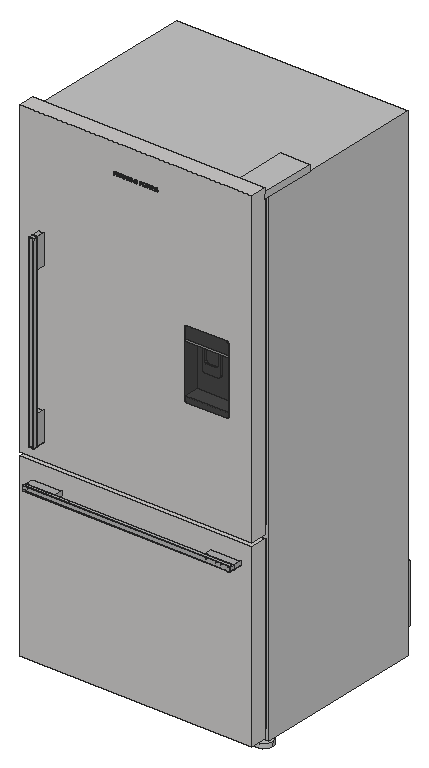
Revit family "FP-Revit18-RF522WDRUX5-Fridges", category Specialty Equipment, Revit 2018
Family settings
  Round Connector Dimension = Use Diameter
  Part Type = Normal
  OmniClass Number = 23.40.40.11.11.17
  OmniClass Title = Refrigerator-Freezer
  Work Plane-Based = No
  Always vertical = Yes
  Cut with Voids When Loaded = Yes
  Shared = No
  Room Calculation Point = No
Parameters (values of type "RF522WDRUX5")
  Visibility - Contemporary square handle = yes
  Visibility - Contemporary round handle = no
  Visibility - Clearance Required = yes
  URL = "www.fisherpaykel.com"
  Product - Width = 790 mm  # constant formula
  Product - Height = 1720 mm  # constant formula
  Product - Depth = 737 mm  # constant formula
  Model = "RF522WDRUX5"
  Material - Logo = Fisher & Paykel - Steel, Chrome Plated
  Material - Handle = Fisher & Paykel - Aluminium
  Material - Door Structure = Fisher & Paykel - White
  Material - Door Front = Fisher & Paykel - Stainless Steel
  Material - Body = Fisher & Paykel - Grey
  Manufacturer = "Fisher & Paykel Appliances"
  Hinge - Height = 22 mm  # constant formula
  Description = "79cm Freestanding Refrigerator with Bottom Freezer, Ice & Water"
  Connector Description - Water = "Ø6mm (1/4”) quick connect, Max Supply Pressure 120psi (827kPa)"
  Connector Description - Electrical = "230 V, 50 Hz"
  Chassis - Width = 790 mm  # constant formula
  Chassis - Height = 1662 mm  # constant formula
  Chassis - Depth = 625 mm  # constant formula
  Cavity - Width = 830 mm  # constant formula
  Cavity - Height = 1735 mm  # constant formula
  Cavity - Depth = 625 mm  # constant formula
Reference planes
  plane 1 "Datum": y = 0
  plane 2: z = 0
  plane 3 "Center (Left/Right)": x = 0
  plane 4 "Product LHS": x = -395
  plane 5 "Product RHS": x = 395
  plane 6 "Product - Depth": y = 625
  plane 7 "Cavity LHS": x = -415
  plane 8 "Cavity RHS": x = 415
  plane 9 "Cavity - Depth": y = 625
  plane 10 "Product Height": z = 1720
  plane 11 "Cavity Height": z = 1735
  plane 12 "Door Panel Front": y = -70
Forms (mm)
  Extrusion 1, solid, material "Fisher & Paykel - Grey" <- "Material - Body"
    sketch origin (0, 0, 0) x (0, 1, 0) y (0, 0, 1)
      loop
        line (0, 24) -> (595, 24) -> (595, 1686) -> (0, 1686) -> (0, 24)
    from -395 to 395
  Extrusion 2, solid, material "Fisher & Paykel - Grey" <- "Material - Body"
    sketch origin (0, 0, 0) x (1, 0, 0) y (0, 1, 0)
      loop
        circle (-365, 18.6) r 4.9
      loop
        circle (365, 18.6) r 4.9
    from 14 to 24
  Extrusion 3, solid, material "Fisher & Paykel - Grey" <- "Material - Body"
    sketch origin (0, 0, 0) x (1, 0, 0) y (0, 1, 0)
      loop
        circle (-365, 18.6) r 30
      loop
        circle (365, 18.6) r 30
    from 0 to 14
  Extrusion 4, solid, material "Fisher & Paykel - Grey" <- "Material - Body"
    sketch origin (0, 0, 0) x (1, 0, 0) y (0, 0, 1)
      loop
        circle (355.042, 69) r 5
      loop
        circle (305.042, 69) r 5
    from -615 to -595
  Extrusion 5, solid, material "Fisher & Paykel - White" <- "Material - Door Structure"
    sketch origin (0, 0, 0) x (1, 0, 0) y (0, 1, 0)
      loop
        line (-387, 0) -> (-387, -15) -> (387, -15) -> (387, 0) -> (-387, 0)
    from 682 to 1680
  Extrusion 6, solid, material "Fisher & Paykel - Stainless Steel" <- "Material - Door Front"
    sketch origin (0, 0, 0) x (1, 0, 0) y (0, 1, 0)
      loop
        line (-395, -15) -> (-395, -70) -> (395, -70) -> (395, -15) -> (-395, -15)
    from 660 to 1720
  Extrusion 7, solid, material "Fisher & Paykel - Clearance Required", visible <- "Visibility - Clearance Required", detail levels coarse
    sketch origin (0, 0, 0) x (1, 0, 0) y (0, 1, 0)
      loop
        line (-415, 625) -> (-415, -70) -> (530, -70) -> (530, 0) -> (415, 0) -> (415, 625) -> (-415, 625)
    from 0 to 1735
  Extrusion 8, void
    sketch origin (0, 0, 0) x (1, 0, 0) y (0, 1, 0)
      loop
        line (-415, 625) -> (-415, -70) -> (530, -70) -> (530, 0) -> (415, 0) -> (415, 625) -> (-415, 625)
    from 0 to 1735
  Extrusion 9, solid, material "Fisher & Paykel - Stainless Steel" <- "Material - Door Front"
    sketch origin (0, 0, 0) x (1, 0, 0) y (0, 1, 0)
      loop
        line (-395, -15) -> (-395, -70) -> (395, -70) -> (395, -15) -> (-395, -15)
    from 37 to 647
  Extrusion 10, solid, material "Fisher & Paykel - White" <- "Material - Door Structure"
    sketch origin (0, 0, 0) x (1, 0, 0) y (0, 1, 0)
      loop
        line (-387, 0) -> (-387, -15) -> (387, -15) -> (387, 0) -> (-387, 0)
    from 59 to 639
  Extrusion 11, solid, material "Fisher & Paykel - Grey" <- "Material - Body"
    sketch origin (229.237, 0, 0) x (0, 1, 0) y (0, 0, 1)
      loop
        line (595, 324) -> (595, 94) -> (625, 94) -> (625, 294) -> (595, 324)
    from -604.237 to 145.763
  Extrusion 12, solid, material "Fisher & Paykel - Grey" <- "Material - Body"
    sketch origin (0, 0, 0) x (0, 1, 0) y (0, 0, 1)
      loop
        line (595, 94) -> (595, 24) -> (625, 24) -> (625, 94) -> (595, 94)
    from -375 to 280
  Extrusion 13, solid, material "Fisher & Paykel - Grey" <- "Material - Body", detail levels fine
    sketch origin (0, 0, -4) x (0, 1, 0) y (0, 0, -1)
      loop
        line (62.091, -28) -> (112.909, -28)
        arc (112.909, -28) -> (87.5, -4) -> (62.091, -28) r 25.45
      loop
        line (503.639, -28) -> (554.456, -28)
        arc (554.456, -28) -> (529.047, -4) -> (503.639, -28) r 25.45
    from 345 to 362
  Extrusion 14, solid, material "Fisher & Paykel - Grey" <- "Material - Body"
    sketch origin (0, 0, 0) x (1, 0, 0) y (0, 1, 0)
      loop
        line (296.4, 174) -> (296.4, -15) -> (395, -15) -> (395, 174) -> (296.4, 174)
    from 1686 to 1708
  Extrusion 15, solid, material "Fisher & Paykel - Clearance Required", visible <- "Visibility - Clearance Required", detail levels coarse
    sketch origin (0, 0, 0) x (1, 0, 0) y (0, 1, 0)
      loop
        line (460.698, -70) -> (-395, -70)
        arc (-395, -70) -> (135.432, -761.124) -> (975.827, -531.456) r 781.226
        line (975.827, -531.456) -> (928.753, -489.287) -> (956.777, -458.004) -> (945.37, -447.786) -> (917.346, -479.069) -> (460.698, -70)
    from 660 to 1735
  Extrusion 16, void
    sketch origin (-955, 0, 0) x (1, 0, 0) y (0, 0, 1)
      loop
        line (1262.5, 1245.6) -> (1128, 1245.6)
        arc (1128, 1245.6) -> (1122.343, 1243.257) -> (1120, 1237.6) r 8
        line (1120, 1237.6) -> (1120, 1018)
        arc (1120, 1018) -> (1122.343, 1012.343) -> (1128, 1010) r 8
        line (1128, 1010) -> (1262.5, 1010)
        arc (1262.5, 1010) -> (1268.157, 1012.343) -> (1270.5, 1018) r 8
        line (1270.5, 1018) -> (1270.5, 1237.6)
        arc (1270.5, 1237.6) -> (1268.157, 1243.257) -> (1262.5, 1245.6) r 8
    from 15 to 70
  Extrusion 17, solid, material "Fisher & Paykel - Grey" <- "Material - Body", detail levels fine
    sketch origin (0, 0, -4) x (0, 1, 0) y (0, 0, 1)
      loop
        arc (62.091, 28) -> (87.5, 4) -> (112.909, 28) r 25.45
        line (112.909, 28) -> (62.091, 28)
      loop
        arc (503.639, 28) -> (529.047, 4) -> (554.456, 28) r 25.45
        line (554.456, 28) -> (503.639, 28)
    from 345 to 362
  Extrusion 18, solid, material "Fisher & Paykel - Clearance Required", visible <- "Visibility - Clearance Required", detail levels coarse
    sketch origin (0, 0, 0) x (0, 1, 0) y (0, 0, 1)
      loop
        line (-70, 647) -> (-445, 647) -> (-445, 590.956) -> (-487, 590.956) -> (-487, 574.956) -> (-445, 574.956) -> (-445, 37) -> (-70, 37) -> (-70, 647)
    from -415 to 415
  Extrusion 19, solid, material "Fisher & Paykel - Steel, Chrome Plated" <- "Material - Logo", detail levels fine
    sketch origin (0, -70, 1620.022) x (1, 0, 0) y (0, 0, 1)
      loop
        line (-74.994, 0) -> (-72.633, 0) -> (-72.633, 3.207) -> (-68.944, 3.207) -> (-68.944, 5.208) -> (-72.633, 5.208) -> (-72.633, 7.068) -> (-68.62, 7.068) -> (-68.62, 9.06) -> (-74.994, 9.06) -> (-74.994, 0)
      loop
        line (-64.134, 9.06) -> (-64.134, 0) -> (-61.773, 0) -> (-61.773, 9.06) -> (-64.134, 9.06)
      loop
        line (-46.015, 9.06) -> (-46.015, 0) -> (-43.654, 0) -> (-43.654, 3.63) -> (-40.187, 3.63) -> (-40.187, 0) -> (-37.826, 0) -> (-37.826, 9.06) -> (-40.187, 9.06) -> (-40.187, 5.622) -> (-43.654, 5.622) -> (-43.654, 9.06) -> (-46.015, 9.06)
      loop
        line (-32.787, 9.06) -> (-32.787, 0) -> (-26.332, 0) -> (-26.332, 1.992) -> (-30.448, 1.992) -> (-30.448, 3.63) -> (-26.686, 3.63) -> (-26.686, 5.622) -> (-30.448, 5.622) -> (-30.448, 7.068) -> (-26.332, 7.068) -> (-26.332, 9.06) -> (-32.787, 9.06)
      loop
        line (68.572, 9.06) -> (68.572, 0) -> (75.006, 0) -> (75.006, 1.992) -> (70.933, 1.992) -> (70.933, 9.06) -> (68.572, 9.06)
      loop
        line (63.719, 9.06) -> (57.241, 9.06) -> (57.241, 0) -> (63.719, 0) -> (63.719, 1.992) -> (59.602, 1.992) -> (59.602, 3.63) -> (63.364, 3.63) -> (63.364, 5.622) -> (59.602, 5.622) -> (59.602, 7.068) -> (63.719, 7.068) -> (63.719, 9.06)
      loop
        line (50.248, 4.722) -> (53.597, 9.06) -> (50.837, 9.06) -> (47.945, 5.313) -> (47.945, 9.06) -> (45.585, 9.06) -> (45.585, 0) -> (47.945, 0) -> (47.945, 4.058) -> (50.926, 0) -> (53.716, 0) -> (50.248, 4.722)
      loop
        line (33.043, 9.06) -> (36.466, 3.63) -> (36.466, 0) -> (38.827, 0) -> (38.827, 3.511) -> (42.25, 9.06) -> (39.742, 9.06) -> (37.721, 5.561) -> (35.701, 9.06) -> (33.043, 9.06)
      loop
        line (27.79, 9.06) -> (25.547, 9.06) -> (21.858, 0) -> (24.175, 0) -> (24.824, 1.668) -> (28.454, 1.668) -> (29.103, 0) -> (31.479, 0) -> (27.79, 9.06)
      loop
        line (27.671, 3.659) -> (26.612, 6.261) -> (25.599, 3.659) -> (27.671, 3.659)
      loop
        line (12.119, 9.06) -> (12.119, 0) -> (14.48, 0) -> (14.48, 2.907) -> (15.971, 2.907)
        arc (15.971, 2.907) -> (19.048, 5.983) -> (15.971, 9.06) r 3.077
        line (15.971, 9.06) -> (12.119, 9.06)
      loop
        line (14.48, 7.068) -> (14.48, 4.796) -> (15.824, 4.796)
        arc (15.824, 4.796) -> (16.96, 5.932) -> (15.824, 7.068) r 1.136
        line (15.824, 7.068) -> (14.48, 7.068)
      loop
        line (-17.602, 9.06) -> (-21.477, 9.06) -> (-21.477, 0) -> (-19.116, 0) -> (-19.116, 2.522) -> (-18.311, 2.522) -> (-16.387, 0) -> (-13.657, 0) -> (-15.969, 2.959)
        arc (-15.969, 2.959) -> (-14.445, 6.636) -> (-17.602, 9.06) r 3.269
      loop
        line (-17.774, 7.068) -> (-19.116, 7.068) -> (-19.116, 4.579) -> (-17.774, 4.579)
        arc (-17.774, 4.579) -> (-16.529, 5.823) -> (-17.774, 7.068) r 1.244
      loop
        line (0.788, 7.068) -> (0.788, 9.229) -> (-5.291, 9.229) -> (-5.291, 7.276) -> (-4.389, 6.167)
        arc (-4.389, 6.167) -> (-5.193, 1.025) -> (0.005, 0.768) r 3.5
        line (0.005, 0.768) -> (0.63, 0) -> (3.308, 0) -> (1.362, 2.391) -> (3.12, 4.924) -> (0.694, 4.924) -> (0.053, 4) -> (-2.443, 7.068) -> (0.788, 7.068)
      loop
        arc (-3.116, 4.603) -> (-3.331, 2.502) -> (-1.23, 2.286) r 1.493
        line (-1.23, 2.286) -> (-3.116, 4.603)
      loop
        line (-52.698, 5.451) -> (-54.701, 5.866)
        arc (-54.701, 5.866) -> (-55.501, 6.665) -> (-54.701, 7.465) r 0.799
        arc (-54.701, 7.465) -> (-52.78, 7.185) -> (-51.017, 6.371) r 6.757
        line (-51.017, 6.371) -> (-51.017, 8.615)
        arc (-51.017, 8.615) -> (-53.252, 9.269) -> (-55.578, 9.164) r 7.089
        arc (-55.578, 9.164) -> (-57.732, 6.502) -> (-55.578, 3.841) r 2.721
        line (-55.578, 3.841) -> (-53.559, 3.423)
        arc (-53.559, 3.423) -> (-52.76, 2.623) -> (-53.559, 1.824) r 0.799
        arc (-53.559, 1.824) -> (-55.481, 2.103) -> (-57.244, 2.917) r 6.757
        line (-57.244, 2.917) -> (-57.244, 0.674)
        arc (-57.244, 0.674) -> (-55.009, 0.02) -> (-52.682, 0.125) r 7.089
        arc (-52.682, 0.125) -> (-50.529, 2.795) -> (-52.698, 5.451) r 2.721
    from 0 to 0.8
Cuts and joins
  joined: Extrusion 11, Extrusion 12
  Extrusion 16 cuts Extrusion 6
Text (mm)
  text "Due to ongoing product development, product details are subject to change without notice. \nPlease always refer to www.fisherpaykel.com for the most current product information. \n© Fisher & Paykel 2020" at (41.04, -848.295, 0), in view "Ref. Level (Plan)"
Dimensions and locks
  equal spacing: plane 4 "Product LHS", plane 3 "Center (Left/Right)", plane 5 "Product RHS"
  "Product - Width": plane 4 "Product LHS" to plane 5 "Product RHS"
  "Cavity - Depth": plane 1 "Datum" to plane 6 "Product - Depth"
  equal spacing: plane 7 "Cavity LHS", plane 3 "Center (Left/Right)", plane 8 "Cavity RHS"
  "Cavity - Width": plane 7 "Cavity LHS" to plane 8 "Cavity RHS"
  "Chassis - Depth": plane 9 "Cavity - Depth" to plane 1 "Datum"
  Extrusion 4 sketch curve to plane 5 "Product RHS" = 39.958 mm
  locked: Extrusion 3 to level at 14
  "Product - Height": level to plane 10 "Product Height"
  Extrusion 1 sketch curve to plane 10 "Product Height" = 34 mm
  "Cavity - Height": plane 11 "Cavity Height" to level
  "Chassis - Depth": plane 1 "Datum" to plane 9 "Cavity - Depth"
  Extrusion 9 to Extrusion 1 = 13 mm
  Extrusion 9 to Extrusion 1 = 623 mm
  locked: cut or joined group of Extrusion 6, Extrusion 16 to Extrusion 1 at 636
  locked: Extrusion 1 to Extrusion 5 at 658
  locked: Extrusion 1 to Extrusion 10 at 615
  locked: Extrusion 1 to Extrusion 5 at 1656
  "Hinge - Height": Extrusion 14 to Extrusion 1
  "Chassis - Height": Extrusion 1 to Extrusion 1
  locked: Extrusion 1 to plane 10 "Product Height" at 34
  locked: Extrusion 13 sketch curve to Extrusion 1 at 24  (x2)
  Extrusion 1 to Extrusion 4 = 45 mm  (x2)
  locked: Extrusion 1 to cut or joined group of Extrusion 11, Extrusion 12 at 70
  locked: Extrusion 4 sketch curve to Extrusion 1 at 40  (x2)
  locked: nested 1 to Extrusion 1 at 1221.6
  locked: Extrusion 1 to nested 2 at 566.956
  locked: nested 3 to Extrusion 1 at 1333
  locked: Extrusion 13 to Extrusion 1 at 24  (x2)
  "Chassis - Width": Extrusion 1 to Extrusion 1
  "Product - Depth": plane 6 "Product - Depth" to nested 3
  aligned and locked: level to plane 2
  aligned and locked: Extrusion 1 to plane 5 "Product RHS"
  aligned and locked: plane 4 "Product LHS" to Extrusion 1
  aligned and locked: Extrusion 6 sketch curve to plane 4 "Product LHS"
  aligned and locked: plane 5 "Product RHS" to Extrusion 6 sketch curve
  aligned and locked: Extrusion 1 sketch curve to plane 1 "Datum"
  aligned and locked: Extrusion 12 sketch curve to plane 6 "Product - Depth"
  aligned and locked: Extrusion 4 to Extrusion 1
  aligned and locked: Extrusion 14 to Extrusion 1
  aligned and locked: Extrusion 8 to plane 11 "Cavity Height"
  aligned and locked: Extrusion 6 to plane 10 "Product Height"
  aligned and locked: Extrusion 2 to Extrusion 1
  aligned and locked: Extrusion 13 sketch curve to Extrusion 13 sketch curve
  aligned and locked: Extrusion 13 sketch curve to Extrusion 1
  aligned and locked: Extrusion 17 sketch curve to Extrusion 17 sketch curve
  aligned and locked: Extrusion 1 to Extrusion 12
  aligned and locked: Extrusion 12 to Extrusion 11
  aligned and locked: Extrusion 7 to plane 11 "Cavity Height"
  aligned and locked: Extrusion 1 to Extrusion 17 sketch curve
  aligned and locked: Extrusion 15 to cut or joined group of Extrusion 6, Extrusion 16
  aligned and locked: Extrusion 9 to Extrusion 18
Automatic sketch dimensions
  plane 1 "Datum" to Extrusion 6 sketch curve = 70 mm
  plane 1 "Datum" to Extrusion 6 sketch curve = 15 mm
  Extrusion 1 sketch curve to plane 6 "Product - Depth" = 30 mm
  level to Extrusion 1 sketch curve = 24 mm
  Extrusion 2 sketch curve to plane 4 "Product LHS" = 30 mm
  plane 5 "Product RHS" to Extrusion 2 sketch curve = 30 mm
  Extrusion 2 sketch curve to plane 1 "Datum" = 18.6 mm  (x2)
  Extrusion 3 sketch curve to plane 4 "Product LHS" = 30 mm
  plane 5 "Product RHS" to Extrusion 3 sketch curve = 30 mm
  Extrusion 3 sketch curve to plane 1 "Datum" = 18.6 mm  (x2)
  Extrusion 4 sketch curve to Extrusion 4 sketch curve = 50 mm
  level to Extrusion 4 sketch curve = 69 mm
  Extrusion 4 sketch curve to Extrusion 4 sketch curve = 0 mm
  plane 1 "Datum" to Extrusion 5 sketch curve = 0 mm
  Extrusion 5 sketch curve to plane 4 "Product LHS" = 8 mm
  plane 5 "Product RHS" to Extrusion 5 sketch curve = 8 mm
  plane 1 "Datum" to Extrusion 5 sketch curve = 15 mm
  Extrusion 7 sketch curve to plane 6 "Product - Depth" = 0 mm
  Extrusion 7 sketch curve to plane 7 "Cavity LHS" = 0 mm
  plane 1 "Datum" to Extrusion 7 sketch curve = 0 mm
  Extrusion 7 sketch curve to plane 8 "Cavity RHS" = 0 mm
  plane 12 "Door Panel Front" to Extrusion 7 sketch curve = 0 mm
  Extrusion 7 sketch curve to plane 8 "Cavity RHS" = 115 mm
  Extrusion 8 sketch curve to plane 6 "Product - Depth" = 0 mm
  Extrusion 8 sketch curve to plane 7 "Cavity LHS" = 0 mm
  plane 1 "Datum" to Extrusion 8 sketch curve = 0 mm
  Extrusion 8 sketch curve to plane 8 "Cavity RHS" = 0 mm
  plane 12 "Door Panel Front" to Extrusion 8 sketch curve = 0 mm
  Extrusion 8 sketch curve to plane 8 "Cavity RHS" = 115 mm
  Extrusion 9 sketch curve to plane 4 "Product LHS" = 0 mm
  Extrusion 9 sketch curve to plane 5 "Product RHS" = 0 mm
  plane 12 "Door Panel Front" to Extrusion 9 sketch curve = 0 mm
  plane 1 "Datum" to Extrusion 9 sketch curve = 15 mm
  plane 1 "Datum" to Extrusion 10 sketch curve = 0 mm
  Extrusion 10 sketch curve to plane 4 "Product LHS" = 8 mm
  plane 5 "Product RHS" to Extrusion 10 sketch curve = 8 mm
  plane 1 "Datum" to Extrusion 10 sketch curve = 15 mm
  Extrusion 11 sketch curve to plane 6 "Product - Depth" = 0 mm
  Extrusion 11 sketch curve to plane 6 "Product - Depth" = 30 mm
  level to Extrusion 11 sketch curve = 94 mm
  Extrusion 11 sketch curve to Extrusion 11 sketch curve = 200 mm
  Extrusion 11 sketch curve to Extrusion 11 sketch curve = 30 mm
  Extrusion 12 sketch curve to Extrusion 12 sketch curve = 30 mm
  level to Extrusion 12 sketch curve = 24 mm
  Extrusion 12 sketch curve to Extrusion 12 sketch curve = 70 mm
  Extrusion 13 sketch curve to plane 1 "Datum" = 62.091 mm
  Extrusion 13 sketch curve to Extrusion 13 sketch curve = 25.409 mm
  Extrusion 13 sketch curve to plane 6 "Product - Depth" = 121.361 mm
  level to Extrusion 13 sketch curve = 25.45 mm
  Extrusion 15 sketch curve to plane 12 "Door Panel Front" = 0 mm
  plane 4 "Product LHS" to Extrusion 15 sketch curve = 0 mm
  plane 5 "Product RHS" to Extrusion 15 sketch curve = 10.329 mm
  Extrusion 15 sketch curve to plane 8 "Cavity RHS" = 45.698 mm
  Extrusion 15 sketch curve to plane 8 "Cavity RHS" = 502.346 mm
  Extrusion 15 sketch curve to Extrusion 15 sketch curve = 11.406 mm  (x2)
  Extrusion 15 sketch curve to Extrusion 15 sketch curve = 28.024 mm
  Extrusion 15 sketch curve to Extrusion 15 sketch curve = 47.074 mm
  plane 1 "Datum" to Extrusion 15 sketch curve = 447.786 mm
  Extrusion 17 sketch curve to plane 1 "Datum" = 62.091 mm
  Extrusion 17 sketch curve to Extrusion 17 sketch curve = 25.409 mm  (x2)
  Extrusion 17 sketch curve to plane 6 "Product - Depth" = 121.361 mm
  Extrusion 17 sketch curve to Extrusion 17 sketch curve = 1.45 mm  (x2)
  Extrusion 18 sketch curve to plane 12 "Door Panel Front" = 0 mm
  level to Extrusion 18 sketch curve = 37 mm
  Extrusion 18 sketch curve to Extrusion 18 sketch curve = 375 mm
  Extrusion 18 sketch curve to Extrusion 18 sketch curve = 0 mm
  Extrusion 18 sketch curve to Extrusion 18 sketch curve = 42 mm
  Extrusion 18 sketch curve to Extrusion 18 sketch curve = 537.956 mm
  Extrusion 18 sketch curve to Extrusion 18 sketch curve = 16 mm
  Extrusion 18 sketch curve to Extrusion 18 sketch curve = 56.044 mm
  Extrusion 19 sketch curve to plane 3 "Center (Left/Right)" = 74.994 mm
  Extrusion 19 sketch curve to Extrusion 19 sketch curve = 2.361 mm  (x13)
  Extrusion 19 sketch curve to Extrusion 19 sketch curve = 3.689 mm
  Extrusion 19 sketch curve to Extrusion 19 sketch curve = 0.324 mm
  Extrusion 19 sketch curve to Extrusion 19 sketch curve = 4.486 mm
  Extrusion 19 sketch curve to Extrusion 19 sketch curve = 4.53 mm
  Extrusion 19 sketch curve to Extrusion 19 sketch curve = 1.665 mm
  Extrusion 19 sketch curve to Extrusion 19 sketch curve = 0.568 mm
  Extrusion 19 sketch curve to Extrusion 19 sketch curve = 0.309 mm  (x2)
  Extrusion 19 sketch curve to Extrusion 19 sketch curve = 0.54 mm
  Extrusion 19 sketch curve to Extrusion 19 sketch curve = 0.602 mm
  Extrusion 19 sketch curve to Extrusion 19 sketch curve = 1.142 mm
  Extrusion 19 sketch curve to Extrusion 19 sketch curve = 0 mm  (x19)
  Extrusion 19 sketch curve to Extrusion 19 sketch curve = 2.003 mm
  Extrusion 19 sketch curve to Extrusion 19 sketch curve = 2.542 mm
  Extrusion 19 sketch curve to Extrusion 19 sketch curve = 7.235 mm
  Extrusion 19 sketch curve to Extrusion 19 sketch curve = 3.468 mm  (x2)
  Extrusion 19 sketch curve to Extrusion 19 sketch curve = 5.039 mm
  Extrusion 19 sketch curve to Extrusion 19 sketch curve = 2.339 mm  (x2)
  Extrusion 19 sketch curve to Extrusion 19 sketch curve = 3.763 mm  (x2)
  Extrusion 19 sketch curve to Extrusion 19 sketch curve = 0.354 mm  (x4)
  Extrusion 19 sketch curve to Extrusion 19 sketch curve = 4.854 mm
  Extrusion 19 sketch curve to Extrusion 19 sketch curve = 0.805 mm
  Extrusion 19 sketch curve to Extrusion 19 sketch curve = 1.343 mm
  Extrusion 19 sketch curve to Extrusion 19 sketch curve = 0.172 mm
  Extrusion 19 sketch curve to Extrusion 19 sketch curve = 2.73 mm  (x2)
  Extrusion 19 sketch curve to Extrusion 19 sketch curve = 2.343 mm
  Extrusion 19 sketch curve to plane 3 "Center (Left/Right)" = 5.291 mm
  Extrusion 19 sketch curve to Extrusion 19 sketch curve = 0.902 mm
  Extrusion 19 sketch curve to Extrusion 19 sketch curve = 1.273 mm
  Extrusion 19 sketch curve to Extrusion 19 sketch curve = 0.638 mm
  Extrusion 19 sketch curve to Extrusion 19 sketch curve = 1.946 mm
  Extrusion 19 sketch curve to Extrusion 19 sketch curve = 0.305 mm
  Extrusion 19 sketch curve to plane 3 "Center (Left/Right)" = 1.23 mm
  plane 3 "Center (Left/Right)" to Extrusion 19 sketch curve = 0.005 mm
  plane 3 "Center (Left/Right)" to Extrusion 19 sketch curve = 0.053 mm
  plane 3 "Center (Left/Right)" to Extrusion 19 sketch curve = 0.63 mm
  plane 3 "Center (Left/Right)" to Extrusion 19 sketch curve = 0.694 mm
  plane 3 "Center (Left/Right)" to Extrusion 19 sketch curve = 0.788 mm
  plane 3 "Center (Left/Right)" to Extrusion 19 sketch curve = 1.362 mm
  Extrusion 19 sketch curve to Extrusion 19 sketch curve = 2.426 mm
  Extrusion 19 sketch curve to Extrusion 19 sketch curve = 2.678 mm
  Extrusion 19 sketch curve to Extrusion 19 sketch curve = 8.999 mm
  Extrusion 19 sketch curve to Extrusion 19 sketch curve = 1.344 mm
  Extrusion 19 sketch curve to Extrusion 19 sketch curve = 0.147 mm
  Extrusion 19 sketch curve to Extrusion 19 sketch curve = 5.887 mm
  Extrusion 19 sketch curve to Extrusion 19 sketch curve = 2.317 mm
  Extrusion 19 sketch curve to Extrusion 19 sketch curve = 0.649 mm  (x2)
  Extrusion 19 sketch curve to Extrusion 19 sketch curve = 0.723 mm
  Extrusion 19 sketch curve to Extrusion 19 sketch curve = 0.775 mm
  Extrusion 19 sketch curve to Extrusion 19 sketch curve = 1.013 mm
  Extrusion 19 sketch curve to Extrusion 19 sketch curve = 2.072 mm
  Extrusion 19 sketch curve to Extrusion 19 sketch curve = 2.243 mm  (x3)
  Extrusion 19 sketch curve to Extrusion 19 sketch curve = 0.782 mm
  Extrusion 19 sketch curve to Extrusion 19 sketch curve = 2.376 mm
  Extrusion 19 sketch curve to Extrusion 19 sketch curve = 5.252 mm
  Extrusion 19 sketch curve to Extrusion 19 sketch curve = 2.658 mm
  Extrusion 19 sketch curve to Extrusion 19 sketch curve = 0.765 mm
  Extrusion 19 sketch curve to Extrusion 19 sketch curve = 1.255 mm  (x2)
  Extrusion 19 sketch curve to Extrusion 19 sketch curve = 4.041 mm
  Extrusion 19 sketch curve to Extrusion 19 sketch curve = 2.509 mm
  Extrusion 19 sketch curve to Extrusion 19 sketch curve = 3.334 mm
  Extrusion 19 sketch curve to Extrusion 19 sketch curve = 2.303 mm
  Extrusion 19 sketch curve to Extrusion 19 sketch curve = 2.892 mm
  Extrusion 19 sketch curve to Extrusion 19 sketch curve = 2.981 mm
  Extrusion 19 sketch curve to Extrusion 19 sketch curve = 2.759 mm
  Extrusion 19 sketch curve to Extrusion 19 sketch curve = 2.79 mm
  Extrusion 19 sketch curve to Extrusion 19 sketch curve = 3.644 mm
  Extrusion 19 sketch curve to Extrusion 19 sketch curve = 4.853 mm
  Extrusion 19 sketch curve to Extrusion 19 sketch curve = 4.073 mm
  plane 10 "Product Height" to Extrusion 19 sketch curve = 99.978 mm  (x2)
  Extrusion 19 sketch curve to Extrusion 19 sketch curve = 0.674 mm
  Extrusion 19 sketch curve to Extrusion 19 sketch curve = 0.034 mm
  Extrusion 19 sketch curve to Extrusion 19 sketch curve = 0.768 mm
  Extrusion 19 sketch curve to Extrusion 19 sketch curve = 1.668 mm
  Extrusion 19 sketch curve to Extrusion 19 sketch curve = 1.992 mm  (x10)
  Extrusion 19 sketch curve to Extrusion 19 sketch curve = 1.523 mm
  Extrusion 19 sketch curve to Extrusion 19 sketch curve = 1.518 mm
  Extrusion 19 sketch curve to Extrusion 19 sketch curve = 1.624 mm
  Extrusion 19 sketch curve to Extrusion 19 sketch curve = 2.522 mm
  Extrusion 19 sketch curve to Extrusion 19 sketch curve = 0.393 mm  (x2)
  Extrusion 19 sketch curve to Extrusion 19 sketch curve = 0.163 mm  (x2)
  Extrusion 19 sketch curve to Extrusion 19 sketch curve = 2.907 mm
  Extrusion 19 sketch curve to Extrusion 19 sketch curve = 0.437 mm
  Extrusion 19 sketch curve to Extrusion 19 sketch curve = 3.207 mm
  Extrusion 19 sketch curve to Extrusion 19 sketch curve = 0.949 mm
  Extrusion 19 sketch curve to Extrusion 19 sketch curve = 0.637 mm  (x2)
  Extrusion 19 sketch curve to Extrusion 19 sketch curve = 0.21 mm
  Extrusion 19 sketch curve to Extrusion 19 sketch curve = 3.511 mm
  Extrusion 19 sketch curve to Extrusion 19 sketch curve = 3.63 mm
  Extrusion 19 sketch curve to Extrusion 19 sketch curve = 1.638 mm  (x2)
  Extrusion 19 sketch curve to Extrusion 19 sketch curve = 0.118 mm
  Extrusion 19 sketch curve to Extrusion 19 sketch curve = 0.924 mm  (x2)
  Extrusion 19 sketch curve to Extrusion 19 sketch curve = 1.609 mm
  Extrusion 19 sketch curve to Extrusion 19 sketch curve = 4.058 mm
  Extrusion 19 sketch curve to Extrusion 19 sketch curve = 2.057 mm
  Extrusion 19 sketch curve to Extrusion 19 sketch curve = 0.664 mm
  Extrusion 19 sketch curve to Extrusion 19 sketch curve = 1.889 mm
  Extrusion 19 sketch curve to Extrusion 19 sketch curve = 2.002 mm
  Extrusion 19 sketch curve to Extrusion 19 sketch curve = 2.028 mm
  Extrusion 19 sketch curve to Extrusion 19 sketch curve = 1.931 mm
  Extrusion 19 sketch curve to Extrusion 19 sketch curve = 1.212 mm
  Extrusion 19 sketch curve to Extrusion 19 sketch curve = 0.032 mm
  Extrusion 19 sketch curve to Extrusion 19 sketch curve = 0.415 mm
  Extrusion 19 sketch curve to Extrusion 19 sketch curve = 1.136 mm
  Extrusion 19 sketch curve to Extrusion 19 sketch curve = 0.052 mm
  Extrusion 19 sketch curve to Extrusion 19 sketch curve = 2.602 mm
  Extrusion 19 sketch curve to Extrusion 19 sketch curve = 0.92 mm
  Extrusion 19 sketch curve to Extrusion 19 sketch curve = 0.9 mm
  Extrusion 19 sketch curve to Extrusion 19 sketch curve = 1.446 mm  (x2)
  Extrusion 19 sketch curve to Extrusion 19 sketch curve = 1.859 mm
  Extrusion 19 sketch curve to Extrusion 19 sketch curve = 1.109 mm
  Extrusion 19 sketch curve to Extrusion 19 sketch curve = 1.116 mm
  Extrusion 19 sketch curve to Extrusion 19 sketch curve = 3.499 mm  (x2)
  Extrusion 19 sketch curve to Extrusion 19 sketch curve = 3.438 mm  (x2)
  Extrusion 19 sketch curve to Extrusion 19 sketch curve = 7.068 mm
  Extrusion 19 sketch curve to Extrusion 19 sketch curve = 0.104 mm
  Extrusion 19 sketch curve to Extrusion 19 sketch curve = 2.799 mm
  Extrusion 19 sketch curve to Extrusion 19 sketch curve = 4.338 mm
  Extrusion 19 sketch curve to Extrusion 19 sketch curve = 1.953 mm
  plane 3 "Center (Left/Right)" to Extrusion 16 sketch curve = 165 mm
  Extrusion 16 sketch curve to Extrusion 16 sketch curve = 8 mm  (x3)
  plane 5 "Product RHS" to Extrusion 16 sketch curve = 87.5 mm  (x2)
  Extrusion 16 sketch curve to Extrusion 16 sketch curve = 219.6 mm
  plane 10 "Product Height" to Extrusion 16 sketch curve = 710 mm
  Extrusion 14 sketch curve to plane 5 "Product RHS" = 0 mm
  Extrusion 14 sketch curve to Extrusion 14 sketch curve = 98.6 mm
  plane 1 "Datum" to Extrusion 14 sketch curve = 15 mm
  Extrusion 14 sketch curve to plane 1 "Datum" = 174 mm
  radius of Extrusion 2 sketch curve = 4.9 mm  (x2)
  radius of Extrusion 3 sketch curve = 30 mm  (x2)
Nested families
  nested 1: "F&P Water Dispenser" at (240.25, -70, 1010), type "F&P Water Dispenser"
  nested 2: "F&P Handle Contemporary Square - Horizontal" at (0, -70, 582.978), visible <- "Visibility - Contemporary square handle", type "Contemporary square handle"
  nested 3: "F&P Handle Contemporary Square - Vertical" at (-324, -70, 1036), visible <- "Visibility - Contemporary square handle", type "Contemporary square handle"
  nested 4: "F&P Handle Kit - Contemporary Round - Vertical" at (-324, -70, 1036), visible <- "Visibility - Contemporary round handle", type "25338 AHS-RF-522W - Contemporary round handle (1 of 2) (Vertical) 642mm"
  nested 5: "F&P Handle Kit - Contemporary Round - Horizontal" at (0, -70, 582.956), visible <- "Visibility - Contemporary round handle", type "25338 AHS-RF-522W - Contemporary round handle (2 of 2) (Horizontal) 710mm"
Connectors
  electrical at (355.042, 615, 69), driven by "Connector Description - Electrical"
    settings: on Extrusion 4, index 2, voltage 230 V, apparent load 0 VA, apparent load phase1 0 VA, apparent load phase2 0 VA, apparent load phase3 0 VA, power factor 1, load classification "Other", number of poles 1, system type 30, power factor state 1, is connector primary yes, connector utility no, sub classification motor no, connector description "230 V, 50 Hz"
  piping at (305.042, 615, 69), diameter 6, driven by "Connector Description - Water"
    settings: on Extrusion 4, index 3, connector inside diameter 609.6 mm, connector length 0 mm, flow factor 0, pipe flow 0.0 L/s, pressure drop 0.0 Pa, fitting loss kfactor 0, connector angle 0.00°, fixture units 0, engagement length 0 mm, angle of deflection 0.00°, flow configuration 0, flow direction 1, fitting loss method 0, system type 20, joint type 0, gender type 0, connector reference index -1, connector utility 1, adjustable connector no, is connector primary yes, connector description "Ø6mm (1/4”) quick connect, Max Supply Pressure 120psi (827kPa)"
Definition of nested family "F&P Water Dispenser"
  Parameters (values of type "F&P Water Dispenser")
    URL = "www.fisherpaykel.com"
    Material - Trim = none
    Material - Body = none
    Manufacturer = "Fisher & Paykel Appliances"
    Connector Description - Water = ""
    Connector Description - Electrical = ""
  Reference planes
    plane 1 "Center (Front/Back)": y = 0
    plane 2: z = 0
    plane 3 "Center (Left/Right)": x = 0
  Forms (mm)
    Extrusion 1, solid, material <- "Material - Body"
      sketch origin (0, 0, 0) x (1, 0, 0) y (0, 0, 1)
        loop
          arc (-67.25, 235.6) -> (-72.907, 233.257) -> (-75.25, 227.6) r 8
          line (-75.25, 227.6) -> (-75.25, 8)
          arc (-75.25, 8) -> (-72.907, 2.343) -> (-67.25, 0) r 8
          line (-67.25, 0) -> (67.25, 0)
          arc (67.25, 0) -> (72.907, 2.343) -> (75.25, 8) r 8
          line (75.25, 8) -> (75.25, 227.609)
          arc (75.25, 227.609) -> (72.909, 233.259) -> (67.259, 235.6) r 7.991
          line (67.259, 235.6) -> (-67.25, 235.6)
        loop
          line (-74.25, 192.6) -> (-74.25, 20) -> (74.25, 20) -> (74.25, 192.6) -> (-74.25, 192.6)
      from -55 to 0
    Extrusion 2, solid, material <- "Material - Trim", detail levels fine
      sketch origin (0, 0, 0) x (1, 0, 0) y (0, 0, 1)
        loop
          line (-74.25, 192.6) -> (-74.25, 187.1) -> (74.25, 187.1) -> (74.25, 192.6) -> (-74.25, 192.6)
      from -55 to 0
    Extrusion 3, solid, material <- "Material - Body"
      sketch origin (0, 0, 0) x (1, 0, 0) y (0, 0, 1)
        loop
          line (-74.25, 187.1) -> (-74.25, 20) -> (74.25, 20) -> (74.25, 187.1) -> (-74.25, 187.1)
      from -55 to -50
    Extrusion 4, solid, material <- "Material - Body", detail levels fine
      sketch origin (0, 0, 0) x (1, 0, 0) y (0, 0, 1)
        loop
          line (-30, 187.1) -> (-30, 105.1)
          arc (-30, 105.1) -> (-27.657, 99.443) -> (-22, 97.1) r 8
          line (-22, 97.1) -> (22, 97.1)
          arc (22, 97.1) -> (27.657, 99.443) -> (30, 105.1) r 8
          line (30, 105.1) -> (30, 187.1) -> (23.5, 187.1) -> (23.5, 134.1)
          arc (23.5, 134.1) -> (21.157, 128.443) -> (15.5, 126.1) r 8
          line (15.5, 126.1) -> (-15.5, 126.1)
          arc (-15.5, 126.1) -> (-21.157, 128.443) -> (-23.5, 134.1) r 8
          line (-23.5, 134.1) -> (-23.5, 187.1) -> (-30, 187.1)
      from -27.6 to -21.6
    Extrusion 5, solid, material <- "Material - Body", detail levels fine
      sketch origin (0, 0, 0) x (1, 0, 0) y (0, 1, 0)
        loop
          circle (0, 24.6) r 7.5
      from 179.1 to 187.1
  Dimensions and locks
    aligned and locked: level to plane 2
Definition of nested family "F&P Handle Contemporary Square - Horizontal"
  Parameters (values of type "Contemporary square handle")
    URL = "www.fisherpaykel.com"
    Material - Handle = none
    Manufacturer = "Fisher & Paykel Appliances"
    Handle - Standoff Length = 100 mm
    Handle - Length = 710 mm
  Reference planes
    plane 1 "Center (Front/Back)": y = 0
    plane 2: z = 0
    plane 3 "Center (Left/Right)": x = 0
    plane 4 "Product LHS": x = -355
    plane 5 "Product RHS": x = 355
    plane 6 "LHS Standoff": x = -255
    plane 7 "RHS Standoff": x = 255
  Forms (mm)
    Extrusion 1, solid, material <- "Material - Handle", detail levels fine
      sketch origin (0, 0, 0) x (0, 1, 0) y (0, 0, 1)
        loop
          arc (-28.701, 7.561) -> (-29.057, 7.868) -> (-29.514, 7.978) r 1
          line (-29.514, 7.978) -> (-40.5, 7.978)
          arc (-40.5, 7.978) -> (-41.561, 7.539) -> (-42, 6.478) r 1.5
          line (-42, 6.478) -> (-42, -6.522)
          arc (-42, -6.522) -> (-41.561, -7.583) -> (-40.5, -8.022) r 1.5
          line (-40.5, -8.022) -> (-29.487, -8.022)
          arc (-29.487, -8.022) -> (-29.029, -7.911) -> (-28.673, -7.602) r 1
          arc (-28.673, -7.602) -> (-26.256, -0.016) -> (-28.701, 7.561) r 13.038
      from -355 to 355
    Extrusion 2, solid, material <- "Material - Handle", detail levels fine
      sketch origin (0, 0, 0) x (0, 1, 0) y (0, 0, 1)
        loop
          arc (-28.23, 7.062) -> (-26.156, 0.008) -> (-28.198, -7.056) r 13.136
          arc (-28.198, -7.056) -> (-28.21, -7.463) -> (-27.86, -7.67) r 0.4
          line (-27.86, -7.67) -> (0, -7.67) -> (0, 7.678) -> (-27.893, 7.678)
          arc (-27.893, 7.678) -> (-28.244, 7.47) -> (-28.23, 7.062) r 0.4
      from 255 to 355
    Extrusion 3, solid, material <- "Material - Handle", detail levels fine
      sketch origin (0, 0, 0) x (0, 1, 0) y (0, 0, -1)
        loop
          arc (-28.23, -7.062) -> (-28.244, -7.47) -> (-27.893, -7.678) r 0.4
          line (-27.893, -7.678) -> (0, -7.678) -> (0, 7.67) -> (-27.86, 7.67)
          arc (-27.86, 7.67) -> (-28.21, 7.463) -> (-28.198, 7.056) r 0.4
          arc (-28.198, 7.056) -> (-26.156, -0.008) -> (-28.23, -7.062) r 13.136
      from 255 to 355
    Sweep 4, void
      path in 3D
        loop
          line (355, -29.514, 7.978) -> (355, -40.5, 7.978)
          arc (355, -40.5, 7.978) -> (355, -41.561, 7.539) -> (355, -42, 6.478) r 1.5
          line (355, -42, 6.478) -> (355, -42, -6.522)
          arc (355, -42, -6.522) -> (355, -41.561, -7.583) -> (355, -40.5, -8.022) r 1.5
          line (355, -40.5, -8.022) -> (355, -29.487, -8.022)
      profile origin (355, -35.007, 7.978) x (1, 0, 0) y (0, 0, 1)
        loop
          line (0, 0) -> (-1.3, 0) -> (0, -1.3) -> (0, 0)
    Sweep 5, void
      path in 3D
        loop
          line (-355, -29.487, -8.022) -> (-355, -40.5, -8.022)
          arc (-355, -40.5, -8.022) -> (-355, -41.561, -7.583) -> (-355, -42, -6.522) r 1.5
          line (-355, -42, -6.522) -> (-355, -42, 6.478)
          arc (-355, -42, 6.478) -> (-355, -41.561, 7.539) -> (-355, -40.5, 7.978) r 1.5
          line (-355, -40.5, 7.978) -> (-355, -29.514, 7.978)
      profile origin (-355, -35.007, 7.978) x (-1, 0, 0) y (0, 0, 1)
        loop
          line (0, 0) -> (-1.3, 0) -> (0, -1.3) -> (0, 0)
    Extrusion 6, void
      sketch origin (0, 0, 0) x (1, 0, 0) y (0, 0, 1)
        loop
          line (355, 7.978) -> (353.7, 7.978) -> (355, 6.678) -> (355, 7.978)
        loop
          line (355, -8.022) -> (355, -6.722) -> (353.7, -8.022) -> (355, -8.022)
      from 0 to 40
    Extrusion 7, void
      sketch origin (0, 0, 0) x (1, 0, 0) y (0, 0, 1)
        loop
          line (-355, 7.978) -> (-355, 6.678) -> (-353.7, 7.978) -> (-355, 7.978)
        loop
          line (-355, -8.022) -> (-353.7, -8.022) -> (-355, -6.722) -> (-355, -8.022)
      from 0 to 40
    Extrusion 8, solid, material <- "Material - Handle", detail levels coarse+medium
      sketch origin (0, 0, 0) x (1, 0, 0) y (0, 1, 0)
        loop
          line (-355, -42) -> (355, -42) -> (355, 0) -> (255, 0) -> (255, -26.156) -> (-255, -26.156) -> (-255, 0) -> (-355, 0) -> (-355, -42)
      from -8.022 to 7.978
  Cuts and joins
    Sweep 4, Sweep 5, Extrusion 6, Extrusion 7 cuts Extrusion 1
    Extrusion 6 cuts Extrusion 2
    Extrusion 7 cuts Extrusion 3
  Lines and regions (mm)
    sketch lines
      curve 1: line (355, -29.514, 7.978) -> (355, -40.5, 7.978)
      curve 2: arc (355, -42, 6.478) -> (355, -41.561, 7.539) -> (355, -40.5, 7.978) r 1.5
      curve 3: line (355, -42, 6.478) -> (355, -42, -6.522)
      curve 4: arc (355, -40.5, -8.022) -> (355, -41.561, -7.583) -> (355, -42, -6.522) r 1.5
      curve 5: line (355, -40.5, -8.022) -> (355, -29.487, -8.022)
      curve 6: line (-355, -40.5, 7.978) -> (-355, -29.514, 7.978)
      curve 7: arc (-355, -40.5, 7.978) -> (-355, -41.561, 7.539) -> (-355, -42, 6.478) r 1.5
      curve 8: line (-355, -42, -6.522) -> (-355, -42, 6.478)
      curve 9: arc (-355, -42, -6.522) -> (-355, -41.561, -7.583) -> (-355, -40.5, -8.022) r 1.5
      curve 10: line (-355, -29.487, -8.022) -> (-355, -40.5, -8.022)
  Dimensions and locks
    equal spacing: plane 4 "Product LHS", plane 3 "Center (Left/Right)", plane 5 "Product RHS"
    "Handle - Length": plane 4 "Product LHS" to plane 5 "Product RHS"
    "Handle - Standoff Length": plane 4 "Product LHS" to plane 6 "LHS Standoff"
    "Handle - Standoff Length": plane 7 "RHS Standoff" to plane 5 "Product RHS"
    aligned and locked: level to plane 2
    aligned and locked: Extrusion 1 to plane 5 "Product RHS"
    aligned and locked: plane 4 "Product LHS" to Extrusion 1
    aligned and locked: Extrusion 2 to plane 5 "Product RHS"
    aligned and locked: plane 4 "Product LHS" to Extrusion 3
    aligned and locked: plane 4 "Product LHS" to Extrusion 8 sketch curve
    aligned and locked: Extrusion 8 sketch curve to plane 5 "Product RHS"
    aligned and locked: Extrusion 8 sketch curve to plane 7 "RHS Standoff"
    aligned and locked: plane 6 "LHS Standoff" to Extrusion 8 sketch curve
    aligned and locked: Extrusion 2 to plane 7 "RHS Standoff"
    aligned and locked: plane 6 "LHS Standoff" to Extrusion 3
  Automatic sketch dimensions
    Extrusion 1 sketch curve to level = 6.522 mm
    plane 1 "Center (Front/Back)" to Extrusion 1 sketch curve = 42 mm
    Extrusion 1 sketch curve to Extrusion 1 sketch curve = 1.5 mm  (x2)
    Extrusion 1 sketch curve to level = 0.04 mm
    Extrusion 1 sketch curve to Extrusion 1 sketch curve = 1.206 mm
    level to Extrusion 1 sketch curve = 6.978 mm
    Extrusion 1 sketch curve to Extrusion 1 sketch curve = 10.986 mm
    Extrusion 1 sketch curve to Extrusion 1 sketch curve = 11.013 mm
    Extrusion 1 sketch curve to Extrusion 1 sketch curve = 1 mm
    level to Extrusion 1 sketch curve = 6.478 mm
    Extrusion 1 sketch curve to Extrusion 1 sketch curve = 0 mm
    Extrusion 2 sketch curve to plane 1 "Center (Front/Back)" = 0 mm
    Extrusion 2 sketch curve to level = 7.67 mm
    Extrusion 2 sketch curve to Extrusion 2 sketch curve = 27.86 mm
    level to Extrusion 2 sketch curve = 7.678 mm
    Extrusion 2 sketch curve to Extrusion 2 sketch curve = 0.033 mm
    Extrusion 2 sketch curve to level = 0.022 mm
    Extrusion 2 sketch curve to Extrusion 2 sketch curve = 11.398 mm
    Extrusion 2 sketch curve to Extrusion 2 sketch curve = 0.4 mm  (x2)
    Extrusion 2 sketch curve to Extrusion 2 sketch curve = 0 mm
    Extrusion 3 sketch curve to plane 1 "Center (Front/Back)" = 0 mm
    Extrusion 3 sketch curve to level = 7.67 mm
    Extrusion 3 sketch curve to Extrusion 3 sketch curve = 27.86 mm
    level to Extrusion 3 sketch curve = 7.678 mm
    Extrusion 3 sketch curve to Extrusion 3 sketch curve = 0.033 mm
    Extrusion 3 sketch curve to level = 0.022 mm
    Extrusion 3 sketch curve to Extrusion 3 sketch curve = 11.398 mm
    Extrusion 3 sketch curve to Extrusion 3 sketch curve = 0.4 mm  (x2)
    Extrusion 3 sketch curve to Extrusion 3 sketch curve = 0 mm
    profile plane to Sweep 4 sketch curve = 0 mm
    Sweep 4 sketch curve to profile plane = 0 mm
    Sweep 4 sketch curve to profile plane = 1.3 mm
    profile plane to Sweep 4 sketch curve = 1.3 mm
    Sweep 5 sketch curve to profile plane = 0 mm  (x2)
    profile plane to Sweep 5 sketch curve = 1.3 mm
    Sweep 5 sketch curve to profile plane = 1.3 mm
    plane 5 "Product RHS" to Extrusion 6 sketch curve = 0 mm  (x2)
    Extrusion 6 sketch curve to Extrusion 6 sketch curve = 1.3 mm  (x4)
    Extrusion 6 sketch curve to level = 6.722 mm
    level to Extrusion 6 sketch curve = 6.678 mm
    plane 4 "Product LHS" to Extrusion 7 sketch curve = 0 mm  (x2)
    Extrusion 7 sketch curve to plane 4 "Product LHS" = 1.3 mm  (x2)
    Extrusion 7 sketch curve to level = 8.022 mm
    level to Extrusion 7 sketch curve = 6.678 mm
    Extrusion 7 sketch curve to Extrusion 7 sketch curve = 1.3 mm  (x2)
    plane 1 "Center (Front/Back)" to Extrusion 8 sketch curve = 0 mm  (x2)
    Extrusion 8 sketch curve to Extrusion 8 sketch curve = 26.156 mm
    Extrusion 8 sketch curve to Extrusion 8 sketch curve = 42 mm
Definition of nested family "F&P Handle Contemporary Square - Vertical"
  Parameters (values of type "Contemporary square handle")
    URL = "www.fisherpaykel.com"
    Material - Handle = none
    Manufacturer = "Fisher & Paykel Appliances"
    Handle - Standoff Length = 100 mm
    Handle - Length = 642 mm
  Reference planes
    plane 1 "Center (Front/Back)": y = 0
    plane 2: z = 0
    plane 3 "Center (Left/Right)": x = 0
    plane 4 "Top": z = 321
    plane 5 "Bottom": z = -321
    plane 6 "Top Standoff": z = 221
    plane 7 "Bottom Standoff": z = -221
  Forms (mm)
    Extrusion 1, solid, material <- "Material - Handle", detail levels fine
      sketch origin (0, 0, 0) x (1, 0, 0) y (0, 1, 0)
        loop
          arc (-7.583, -28.701) -> (-7.89, -29.057) -> (-8, -29.514) r 1
          line (-8, -29.514) -> (-8, -40.5)
          arc (-8, -40.5) -> (-7.561, -41.561) -> (-6.5, -42) r 1.5
          line (-6.5, -42) -> (6.5, -42)
          arc (6.5, -42) -> (7.561, -41.561) -> (8, -40.5) r 1.5
          line (8, -40.5) -> (8, -29.487)
          arc (8, -29.487) -> (7.889, -29.029) -> (7.58, -28.673) r 1
          arc (7.58, -28.673) -> (-0.006, -26.256) -> (-7.583, -28.701) r 13.038
      from -321 to 321
    Extrusion 2, solid, material <- "Material - Handle", detail levels fine
      sketch origin (0, 0, 0) x (1, 0, 0) y (0, 1, 0)
        loop
          arc (7.058, -28.23) -> (7.466, -28.244) -> (7.674, -27.893) r 0.4
          line (7.674, -27.893) -> (7.674, 0) -> (-7.674, 0) -> (-7.674, -27.86)
          arc (-7.674, -27.86) -> (-7.467, -28.21) -> (-7.06, -28.198) r 0.4
          arc (-7.06, -28.198) -> (0.004, -26.156) -> (7.058, -28.23) r 13.136
      from 221 to 321
    Extrusion 3, solid, material <- "Material - Handle", detail levels fine
      sketch origin (0, 0, 0) x (1, 0, 0) y (0, 1, 0)
        loop
          arc (7.058, -28.23) -> (7.466, -28.244) -> (7.674, -27.893) r 0.4
          line (7.674, -27.893) -> (7.674, 0) -> (-7.674, 0) -> (-7.674, -27.86)
          arc (-7.674, -27.86) -> (-7.467, -28.21) -> (-7.06, -28.198) r 0.4
          arc (-7.06, -28.198) -> (0.004, -26.156) -> (7.058, -28.23) r 13.136
      from -321 to -221
    Sweep 4, void
      path in 3D
        loop
          line (-8, -29.514, 321) -> (-8, -40.5, 321)
          arc (-8, -40.5, 321) -> (-7.561, -41.561, 321) -> (-6.5, -42, 321) r 1.5
          line (-6.5, -42, 321) -> (6.5, -42, 321)
          arc (6.5, -42, 321) -> (7.561, -41.561, 321) -> (8, -40.5, 321) r 1.5
          line (8, -40.5, 321) -> (8, -29.487, 321)
      profile origin (8, -34.994, 321) x (-1, 0, 0) y (0, 0, 1)
        loop
          line (0, 0) -> (0, -1.3) -> (1.3, 0) -> (0, 0)
    Sweep 5, void
      path in 3D
        loop
          line (8, -29.487, -321) -> (8, -40.5, -321)
          arc (8, -40.5, -321) -> (7.561, -41.561, -321) -> (6.5, -42, -321) r 1.5
          line (6.5, -42, -321) -> (-6.5, -42, -321)
          arc (-6.5, -42, -321) -> (-7.561, -41.561, -321) -> (-8, -40.5, -321) r 1.5
          line (-8, -40.5, -321) -> (-8, -29.514, -321)
      profile origin (8, -34.994, -321) x (-1, 0, 0) y (0, 0, -1)
        loop
          line (0, 0) -> (0, -1.3) -> (1.3, 0) -> (0, 0)
    Extrusion 6, void
      sketch origin (0, 0, 0) x (1, 0, 0) y (0, 0, 1)
        loop
          line (-8, -319.7) -> (-8, -321) -> (-6.7, -321) -> (-8, -319.7)
        loop
          line (8, -319.7) -> (6.7, -321) -> (8, -321) -> (8, -319.7)
      from 0 to 40
    Extrusion 7, void
      sketch origin (0, 0, 0) x (1, 0, 0) y (0, 0, 1)
        loop
          line (-8, 321) -> (-8, 319.7) -> (-6.7, 321) -> (-8, 321)
        loop
          line (8, 321) -> (6.7, 321) -> (8, 319.7) -> (8, 321)
      from 0 to 40
    Extrusion 8, solid, material <- "Material - Handle", detail levels coarse+medium
      sketch origin (0, 0, 0) x (0, 1, 0) y (0, 0, 1)
        loop
          line (0, 321) -> (-42, 321) -> (-42, -321) -> (0, -321) -> (0, -221) -> (-26.245, -221) -> (-26.245, 221) -> (0, 221) -> (0, 321)
      from -8 to 8
  Cuts and joins
    Sweep 4, Sweep 5, Extrusion 6, Extrusion 7 cuts Extrusion 1
    Extrusion 6 cuts Extrusion 3
    Extrusion 7 cuts Extrusion 2
  Lines and regions (mm)
    sketch lines
      curve 1: line (8, -40.5, 321) -> (8, -29.487, 321)
      curve 2: arc (8, -40.5, 321) -> (7.561, -41.561, 321) -> (6.5, -42, 321) r 1.5
      curve 3: line (-6.5, -42, 321) -> (6.5, -42, 321)
      curve 4: arc (-6.5, -42, 321) -> (-7.561, -41.561, 321) -> (-8, -40.5, 321) r 1.5
      curve 5: line (-8, -29.514, 321) -> (-8, -40.5, 321)
      curve 6: line (8, -29.487, -321) -> (8, -40.5, -321)
      curve 7: arc (6.5, -42, -321) -> (7.561, -41.561, -321) -> (8, -40.5, -321) r 1.5
      curve 8: line (6.5, -42, -321) -> (-6.5, -42, -321)
      curve 9: arc (-8, -40.5, -321) -> (-7.561, -41.561, -321) -> (-6.5, -42, -321) r 1.5
      curve 10: line (-8, -40.5, -321) -> (-8, -29.514, -321)
  Dimensions and locks
    equal spacing: plane 4 "Top", level, plane 5 "Bottom"
    "Handle - Length": plane 4 "Top" to plane 5 "Bottom"
    "Handle - Standoff Length": plane 4 "Top" to plane 6 "Top Standoff"
    "Handle - Standoff Length": plane 7 "Bottom Standoff" to plane 5 "Bottom"
    aligned and locked: level to plane 2
    aligned and locked: plane 4 "Top" to Extrusion 2
    aligned and locked: Extrusion 2 to plane 6 "Top Standoff"
    aligned and locked: plane 4 "Top" to Extrusion 1
    aligned and locked: Extrusion 1 to plane 5 "Bottom"
    aligned and locked: Extrusion 3 to plane 5 "Bottom"
    aligned and locked: plane 7 "Bottom Standoff" to Extrusion 3
    aligned and locked: plane 4 "Top" to Extrusion 8 sketch curve
    aligned and locked: plane 6 "Top Standoff" to Extrusion 8 sketch curve
    aligned and locked: plane 7 "Bottom Standoff" to Extrusion 8 sketch curve
    aligned and locked: plane 5 "Bottom" to Extrusion 8 sketch curve
    aligned and locked: plane 1 "Center (Front/Back)" to Extrusion 8 sketch curve  (x2)
  Automatic sketch dimensions
    Extrusion 1 sketch curve to plane 3 "Center (Left/Right)" = 8 mm
    Extrusion 1 sketch curve to Extrusion 1 sketch curve = 1 mm  (x2)
    Extrusion 1 sketch curve to Extrusion 1 sketch curve = 1.5 mm
    plane 3 "Center (Left/Right)" to Extrusion 1 sketch curve = 0.018 mm
    plane 3 "Center (Left/Right)" to Extrusion 1 sketch curve = 6.5 mm
    plane 3 "Center (Left/Right)" to Extrusion 1 sketch curve = 7 mm
    plane 1 "Center (Front/Back)" to Extrusion 1 sketch curve = 42 mm
    Extrusion 1 sketch curve to Extrusion 1 sketch curve = 1.206 mm
    Extrusion 1 sketch curve to Extrusion 1 sketch curve = 10.986 mm
    Extrusion 1 sketch curve to Extrusion 1 sketch curve = 11.013 mm
    Extrusion 1 sketch curve to Extrusion 1 sketch curve = 0 mm
    plane 1 "Center (Front/Back)" to Extrusion 2 sketch curve = 0 mm
    Extrusion 2 sketch curve to plane 3 "Center (Left/Right)" = 7.674 mm
    Extrusion 2 sketch curve to Extrusion 2 sketch curve = 0.4 mm  (x2)
    Extrusion 2 sketch curve to plane 3 "Center (Left/Right)" = 0.026 mm
    plane 3 "Center (Left/Right)" to Extrusion 2 sketch curve = 7.274 mm
    plane 1 "Center (Front/Back)" to Extrusion 2 sketch curve = 27.86 mm
    Extrusion 2 sketch curve to Extrusion 2 sketch curve = 0.033 mm
    Extrusion 2 sketch curve to Extrusion 2 sketch curve = 11.398 mm
    Extrusion 2 sketch curve to Extrusion 2 sketch curve = 0 mm
    plane 1 "Center (Front/Back)" to Extrusion 3 sketch curve = 0 mm
    Extrusion 3 sketch curve to Extrusion 3 sketch curve = 0.4 mm  (x2)
    Extrusion 3 sketch curve to Extrusion 3 sketch curve = 7.248 mm
    Extrusion 3 sketch curve to Extrusion 3 sketch curve = 7.3 mm
    plane 1 "Center (Front/Back)" to Extrusion 3 sketch curve = 27.86 mm
    Extrusion 3 sketch curve to Extrusion 3 sketch curve = 0.033 mm
    Extrusion 3 sketch curve to Extrusion 3 sketch curve = 11.398 mm
    Extrusion 3 sketch curve to Extrusion 3 sketch curve = 0 mm
    Sweep 4 sketch curve to profile plane = 0 mm  (x2)
    Sweep 4 sketch curve to profile plane = 1.3 mm  (x2)
    Sweep 5 sketch curve to profile plane = 0 mm  (x2)
    Sweep 5 sketch curve to profile plane = 1.3 mm  (x2)
    Extrusion 6 sketch curve to plane 5 "Bottom" = 0 mm  (x2)
    plane 5 "Bottom" to Extrusion 6 sketch curve = 1.3 mm  (x2)
    Extrusion 6 sketch curve to plane 3 "Center (Left/Right)" = 8 mm
    Extrusion 6 sketch curve to Extrusion 6 sketch curve = 1.3 mm  (x2)
    plane 3 "Center (Left/Right)" to Extrusion 6 sketch curve = 8 mm
    Extrusion 7 sketch curve to plane 4 "Top" = 0 mm  (x2)
    Extrusion 7 sketch curve to plane 3 "Center (Left/Right)" = 8 mm
    Extrusion 7 sketch curve to Extrusion 7 sketch curve = 1.3 mm  (x2)
    plane 3 "Center (Left/Right)" to Extrusion 7 sketch curve = 8 mm
    Extrusion 7 sketch curve to plane 4 "Top" = 1.3 mm  (x2)
    plane 1 "Center (Front/Back)" to Extrusion 8 sketch curve = 26.245 mm
    plane 1 "Center (Front/Back)" to Extrusion 8 sketch curve = 42 mm
    Extrusion 3 sketch curve to plane 3 "Center (Left/Right)" = 7.674 mm
Definition of nested family "F&P Handle Kit - Contemporary Round - Vertical"
  Parameters (values of type "25379 AHS-RF-522W - Contemporary round handle (1 of 2) (Vertical) 642mm")
    URL = "www.fisherpaykel.com"
    Material - Handle = none
    Manufacturer = "Fisher & Paykel Appliances"
    Keynote = "US Market"
    Handle Standoff - Length = 100 mm
    Handle - Length = 642 mm
    Description = ""
  Types (15, lengths in mm): name | Keynote | Handle - Length
    AHS-RD21 - Contemporary round handle (Vertical) 852mm | "" | 852
    AHSRD2484W - Contemporary round handle (1 of 2) (Vertical) 727mm | "" | 727
    AHSRD3084W - Contemporary round handle (1 of 2) (Vertical) 727mm | "" | 727
    AHS-RD84 - Contemporary round handle (Vertical) 852mm | "" | 852
    AHSRS3272A - Contemporary round handle (1 of 2) (Vertical) 727mm | "" | 727
    AHSRS80A - Contemporary round handle (1 of 2) (Vertical) 727mm | "" | 727
    AHSRD6121W - Contemporary round handle (1 of 2) (Vertical) 727mm | "" | 727
    AHSRD7621W - Contemporary round handle (1 of 2) (Vertical) 727mm | "" | 727
    25329 AHS-ASBI-A - Contemporary round handle (1 of 2) (Vertical) 727mm | "" | 727
    25374 AHS-ASBI-A - Contemporary round handle (1 of 2) (Vertical) 727mm | "" | 727
    25380 AHS-ASBI-B - Contemporary round handle (1 of 2) (Vertical) 727mm | "" | 727
    25339 AHS-ASBI-B - Contemporary round handle (1 of 2) (Vertical) 727mm | "" | 727
    25376 AHS-RF-522A - Contemporary round handle (1 of 2) (Vertical) 642mm | "" | 642
    25334 AHS-RF-522A - Contemporary round handle (1 of 2) (Vertical) 642mm | "" | 642
    25379 AHS-RF-522W - Contemporary round handle (1 of 2) (Vertical) 642mm | "US Market" | 642
  Reference planes
    plane 1 "Center (Front/Back)": y = 0
    plane 2: z = 0
    plane 3 "Center (Left/Right)": x = 0
    plane 4 "Top": z = 321
    plane 5 "Bottom": z = -321
    plane 6 "Top Standoff": z = 221
    plane 7 "Bottom Standoff": z = -221
  Forms (mm)
    Extrusion 1, solid, material <- "Material - Handle"
      sketch origin (0, 0, 0) x (1, 0, 0) y (0, 1, 0)
        loop
          circle (0, -32.3) r 8.7
      from -221 to 221
    Extrusion 2, solid, material <- "Material - Handle", detail levels fine
      sketch origin (0, 0, 0) x (1, 0, 0) y (0, 1, 0)
        loop
          line (-8.7, 0) -> (-8.7, -32.3)
          arc (-8.7, -32.3) -> (0, -41) -> (8.7, -32.3) r 8.7
          line (8.7, -32.3) -> (8.7, 0) -> (-8.7, 0)
      from 221 to 321
    Extrusion 3, solid, material <- "Material - Handle", detail levels fine
      sketch origin (0, 0, 0) x (1, 0, 0) y (0, 1, 0)
        loop
          line (-8.7, 0) -> (-8.7, -32.3)
          arc (-8.7, -32.3) -> (0, -41) -> (8.7, -32.3) r 8.7
          line (8.7, -32.3) -> (8.7, 0) -> (-8.7, 0)
      from -321 to -221
    Sweep 4, void
      path in 3D
        loop
          line (8.7, 0, -321) -> (8.7, -32.3, -321)
          arc (8.7, -32.3, -321) -> (0, -41, -321) -> (-8.7, -32.3, -321) r 8.7
          line (-8.7, -32.3, -321) -> (-8.7, 0, -321)
      profile origin (8.7, -16.15, -321) x (-1, 0, 0) y (0, 0, -1)
        loop
          line (0, 0) -> (0, -1) -> (1, 0) -> (0, 0)
    Sweep 5, void
      path in 3D
        loop
          line (-8.7, 0, 321) -> (-8.7, -32.3, 321)
          arc (-8.7, -32.3, 321) -> (0, -41, 321) -> (8.7, -32.3, 321) r 8.7
          line (8.7, -32.3, 321) -> (8.7, 0, 321)
      profile origin (8.7, -16.15, 321) x (-1, 0, 0) y (0, 0, 1)
        loop
          line (0, 0) -> (0, -1) -> (1, 0) -> (0, 0)
    Extrusion 6, solid, material <- "Material - Handle", detail levels coarse+medium
      sketch origin (0, 0, 0) x (1, 0, 0) y (0, 1, 0)
        loop
          line (-8.7, 0) -> (-8.7, -32.3)
          arc (-8.7, -32.3) -> (0, -41) -> (8.7, -32.3) r 8.7
          line (8.7, -32.3) -> (8.7, 0) -> (-8.7, 0)
      from 221 to 321
    Extrusion 7, solid, material <- "Material - Handle", detail levels coarse+medium
      sketch origin (0, 0, 0) x (1, 0, 0) y (0, 1, 0)
        loop
          line (-8.7, 0) -> (-8.7, -32.3)
          arc (-8.7, -32.3) -> (0, -41) -> (8.7, -32.3) r 8.7
          line (8.7, -32.3) -> (8.7, 0) -> (-8.7, 0)
      from -321 to -221
  Cuts and joins
    Sweep 4 cuts Extrusion 3
    Sweep 5 cuts Extrusion 2
  Lines and regions (mm)
    sketch lines
      curve 1: line (8.7, 0, -321) -> (8.7, -32.3, -321)
      curve 2: arc (-8.7, -32.3, -321) -> (0, -41, -321) -> (8.7, -32.3, -321) r 8.7
      curve 3: line (-8.7, -32.3, -321) -> (-8.7, 0, -321)
      curve 4: line (8.7, -32.3, 321) -> (8.7, 0, 321)
      curve 5: arc (8.7, -32.3, 321) -> (0, -41, 321) -> (-8.7, -32.3, 321) r 8.7
      curve 6: line (-8.7, 0, 321) -> (-8.7, -32.3, 321)
  Dimensions and locks
    equal spacing: plane 4 "Top", level, plane 5 "Bottom"
    "Handle - Length": plane 4 "Top" to plane 5 "Bottom"
    "Handle Standoff - Length": plane 4 "Top" to plane 6 "Top Standoff"
    "Handle Standoff - Length": plane 7 "Bottom Standoff" to plane 5 "Bottom"
    Extrusion 2 sketch curve to Extrusion 2 sketch curve = 17.4 mm
    Extrusion 3 sketch curve to Extrusion 3 sketch curve = 17.4 mm
    Extrusion 6 sketch curve to Extrusion 6 sketch curve = 17.4 mm
    Extrusion 7 sketch curve to Extrusion 7 sketch curve = 17.4 mm
    aligned and locked: level to plane 2
